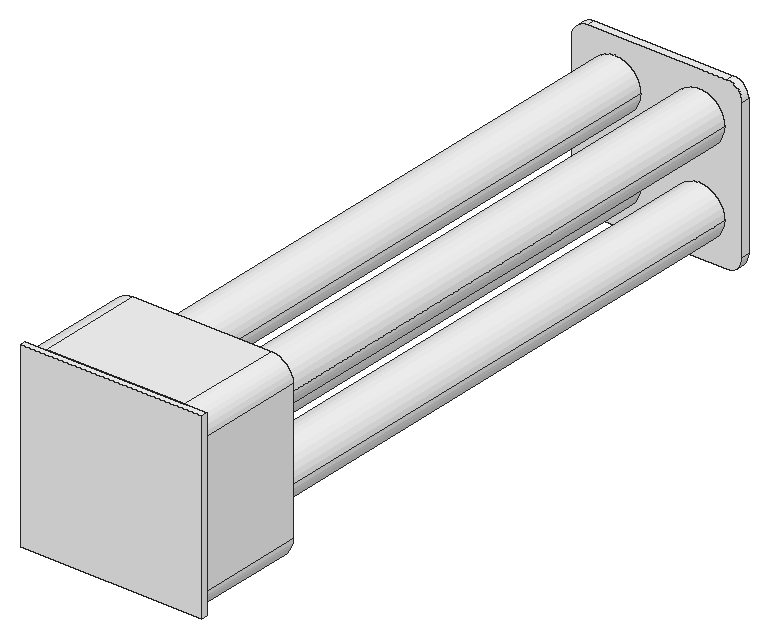
Revit family "Mamad_Transition_YEONATAN_Y1", category Generic Models, host Wall, Revit 2020
Family settings
  Host = Wall
  Can host rebar = No
  Round Connector Dimension = Use Diameter
  Part Type = Normal
  Always vertical = Yes
  Cut with Voids When Loaded = Yes
  Shared = No
  Room Calculation Point = No
Parameters (values of type "Y1_4x4"")
  Outer Plate [instance] = yes
  Wall Closure = By host
  Wall Width [instance] = 350.00 mm
  URL = "https://www.yeonatan.com"
  Type Image = Rectangle-85.png
  Model = "Y1"
  Manufacturer = "S2P"
  Inner Plate [instance] = yes
  Created by = "Karpel Consult And Shielding Engineering LTD"
  Assembly Code = ""
Reference planes
  plane 1: y = 0
  plane 2 "Sill": z = 1173
  plane 3: z = 1219.5
  plane 4: x = 0.3
  plane 5: z = 1266
  plane 6: y = -175
  plane 7: y = 175
  plane 8: y = 171
  plane 9: y = -120
  plane 10: x = -46.2
  plane 11: x = 46.8
  plane 12: y = -145
  plane 13: y = -140
Forms (mm)
  Sweep 1, solid, material "Yeonatan_Plastic"
    path origin (17.801, -70, -15.537) x (1, 0, 0) y (0, 1, 0)
      loop
        line (-17.501, 241) -> (-17.501, 245)
    profile origin (0.3, 173, -15.537) x (-1, 0, 0) y (0, 0, 1)
      loop
        arc (-35.5, 1278.537) -> (-41.157, 1276.194) -> (-43.5, 1270.537) r 8
        line (-43.5, 1270.537) -> (-43.5, 1199.537)
        arc (-43.5, 1199.537) -> (-41.157, 1193.88) -> (-35.5, 1191.537) r 8
        line (-35.5, 1191.537) -> (35.5, 1191.537)
        arc (35.5, 1191.537) -> (41.157, 1193.88) -> (43.5, 1199.537) r 8
        line (43.5, 1199.537) -> (43.5, 1270.537)
        arc (43.5, 1270.537) -> (41.157, 1276.194) -> (35.5, 1278.537) r 8
        line (35.5, 1278.537) -> (-35.5, 1278.537)
      loop
        circle (-21.5, 1213.537) r 11
      loop
        circle (21.5, 1213.537) r 11
      loop
        circle (-21.5, 1256.537) r 11
      loop
        circle (21.5, 1256.537) r 11
  Sweep 2, solid, material "Yeonatan_Plastic"
    path origin (-1536.434, -175, 2405.066) x (1, 0, 0) y (0, 0, 1)
      loop
        arc (1493.234, -1221.066) -> (1495.577, -1226.723) -> (1501.234, -1229.066) r 8
        line (1501.234, -1229.066) -> (1572.234, -1229.066)
        arc (1572.234, -1229.066) -> (1577.891, -1226.723) -> (1580.234, -1221.066) r 8
        line (1580.234, -1221.066) -> (1580.234, -1150.066)
        arc (1580.234, -1150.066) -> (1577.891, -1144.409) -> (1572.234, -1142.066) r 8
        line (1572.234, -1142.066) -> (1501.234, -1142.066)
        arc (1501.234, -1142.066) -> (1495.577, -1144.409) -> (1493.234, -1150.066) r 8
        line (1493.234, -1150.066) -> (1493.234, -1221.066)
    profile origin (-43.2, -175, 1219.5) x (-1, 0, 0) y (0, -1, 0)
      loop
        line (0, -55) -> (3, -55) -> (3, 0) -> (0, 0) -> (0, -55)
  Sweep 3, solid, material "Yeonatan_Plastic"
    path origin (17.801, -365, -15.537) x (1, 0, 0) y (0, 1, 0)
      loop
        line (-17.501, 239) -> (-17.501, 245)
    profile origin (0.3, -123, -15.537) x (-1, 0, 0) y (0, 0, 1)
      loop
        arc (-35.5, 1278.537) -> (-41.157, 1276.194) -> (-43.5, 1270.537) r 8
        line (-43.5, 1270.537) -> (-43.5, 1199.537)
        arc (-43.5, 1199.537) -> (-41.157, 1193.88) -> (-35.5, 1191.537) r 8
        line (-35.5, 1191.537) -> (35.5, 1191.537)
        arc (35.5, 1191.537) -> (41.157, 1193.88) -> (43.5, 1199.537) r 8
        line (43.5, 1199.537) -> (43.5, 1270.537)
        arc (43.5, 1270.537) -> (41.157, 1276.194) -> (35.5, 1278.537) r 8
        line (35.5, 1278.537) -> (-35.5, 1278.537)
      loop
        circle (-21.5, 1213.537) r 11
      loop
        circle (21.5, 1213.537) r 11
      loop
        circle (-21.5, 1256.537) r 11
      loop
        circle (21.5, 1256.537) r 11
  Extrusion 4, solid, material "Yeonatan_Plastic"
    sketch origin (-21.5, 11.219, -21.5) x (1, 0, 0) y (0, 0, 1)
      loop
        circle (0.3, 1219.5) r 13
      loop
        circle (0.3, 1219.5) r 11
      loop
        circle (43.3, 1219.5) r 13
      loop
        circle (43.3, 1219.5) r 11
      loop
        circle (0.3, 1262.5) r 13
      loop
        circle (0.3, 1262.5) r 11
      loop
        circle (43.3, 1262.5) r 13
      loop
        circle (43.3, 1262.5) r 11
    from -159.781 to 131.219
  Sweep 5, void
    path origin (-1.762, -3.524, 0) x (1, 0, 0) y (0, 1, 0)
      loop
        line (2.062, -171.476) -> (2.062, -116.476)
    profile origin (0.3, -147.5, 0) x (-1, 0, 0) y (0, 0, 1)
      loop
        line (35.5, 1266) -> (-35.5, 1266)
        arc (-35.5, 1266) -> (-43.278, 1262.778) -> (-46.5, 1255) r 11
        line (-46.5, 1255) -> (-46.5, 1184)
        arc (-46.5, 1184) -> (-43.278, 1176.222) -> (-35.5, 1173) r 11
        line (-35.5, 1173) -> (35.5, 1173)
        arc (35.5, 1173) -> (43.278, 1176.222) -> (46.5, 1184) r 11
        line (46.5, 1184) -> (46.5, 1255)
        arc (46.5, 1255) -> (43.278, 1262.778) -> (35.5, 1266) r 11
  Sweep 6, void
    path origin (146.105, 263.235, 0) x (1, 0, 0) y (0, 1, 0)
      loop
        line (-145.805, -92.235) -> (-145.805, -88.235)
    profile origin (0.3, 173, 0) x (-1, 0, 0) y (0, 0, 1)
      loop
        line (35.5, 1263) -> (-35.5, 1263)
        arc (-35.5, 1263) -> (-41.157, 1260.657) -> (-43.5, 1255) r 8
        line (-43.5, 1255) -> (-43.5, 1184)
        arc (-43.5, 1184) -> (-41.157, 1178.343) -> (-35.5, 1176) r 8
        line (-35.5, 1176) -> (35.5, 1176)
        arc (35.5, 1176) -> (41.157, 1178.343) -> (43.5, 1184) r 8
        line (43.5, 1184) -> (43.5, 1255)
        arc (43.5, 1255) -> (41.157, 1260.657) -> (35.5, 1263) r 8
  Sweep 7, void
    path origin (410.991, 179.312, 0) x (1, 0, 0) y (0, 1, 0)
      loop
        line (-410.691, -299.312) -> (-410.691, -8.312)
    profile origin (0.3, 25.5, 0) x (-1, 0, 0) y (0, 0, 1)
      loop
        circle (21.5, 1241) r 11
      loop
        circle (21.5, 1198) r 11
      loop
        circle (-21.5, 1198) r 11
      loop
        circle (-21.5, 1241) r 11
  Sweep 8, solid, material "Yeonatan_Stainless_Steel", visible <- "Inner Plate"
    path origin (17.801, -385, -15.537) x (1, 0, 0) y (0, 1, 0)
      loop
        line (-17.501, 240) -> (-17.501, 245)
    profile origin (0.3, -142.5, -15.537) x (-1, 0, 0) y (0, 0, 1)
      loop
        arc (-35.5, 1278.537) -> (-41.157, 1276.194) -> (-43.5, 1270.537) r 8
        line (-43.5, 1270.537) -> (-43.5, 1199.537)
        arc (-43.5, 1199.537) -> (-41.157, 1193.88) -> (-35.5, 1191.537) r 8
        line (-35.5, 1191.537) -> (35.5, 1191.537)
        arc (35.5, 1191.537) -> (41.157, 1193.88) -> (43.5, 1199.537) r 8
        line (43.5, 1199.537) -> (43.5, 1270.537)
        arc (43.5, 1270.537) -> (41.157, 1276.194) -> (35.5, 1278.537) r 8
        line (35.5, 1278.537) -> (-35.5, 1278.537)
      loop
        circle (-21.5, 1213.537) r 11
      loop
        circle (21.5, 1213.537) r 11
      loop
        circle (-21.5, 1256.537) r 11
      loop
        circle (21.5, 1256.537) r 11
  Sweep 9, solid, material "Yeonatan_Stainless_Steel"
    path origin (-98.396, -355, 2439) x (0, 1, 0) y (-1, 0, 0)
      loop
        line (229, -98.696) -> (199, -98.696)
    profile origin (0.3, -141, 2439) x (1, 0, 0) y (0, 0, 1)
      loop
        circle (14.5, -1219.5) r 4
      loop
        circle (-14.5, -1219.5) r 4
  Sweep 10, solid, material "Yeonatan_Stainless_Steel", visible <- "Inner Plate"
    path origin (-98.396, -355, 2439) x (0, 1, 0) y (-1, 0, 0)
      loop
        line (210, -98.696) -> (206, -98.696)
    profile origin (0.3, -147, 2439) x (1, 0, 0) y (0, 0, 1)
      loop
        circle (14.5, -1219.5) r 4
      loop
        circle (-14.5, -1219.5) r 4
      loop
        line (10.747, -1213) -> (6.994, -1219.5) -> (10.747, -1226) -> (18.253, -1226) -> (22.006, -1219.5) -> (18.253, -1213) -> (10.747, -1213)
      loop
        line (-10.747, -1213) -> (-18.253, -1213) -> (-22.006, -1219.5) -> (-18.253, -1226) -> (-10.747, -1226) -> (-6.994, -1219.5) -> (-10.747, -1213)
  Sweep 11, solid, material "Yeonatan_Plastic", visible <- "Outer Plate"
    path origin (17.801, -420, -15.537) x (1, 0, 0) y (0, 1, 0)
      loop
        line (-17.501, 242) -> (-17.501, 245)
    profile origin (0.3, -176.5, -15.537) x (-1, 0, 0) y (0, 0, 1)
      loop
        line (-46.5, 1281.537) -> (-46.5, 1188.537) -> (46.5, 1188.537) -> (46.5, 1281.537) -> (-46.5, 1281.537)
Cuts and joins
  Sweep 6 cuts Sweep 2
  Sweep 6 cuts Sweep 3
  Sweep 6 cuts Extrusion 4
  Sweep 7 cuts Sweep 1
Text (mm)
  text "Exterior" at (0, 1019.848, 3124.603), in view "Right"
  text "Exterior" at (-946.239, 459.523, 0), in view "Floor Line"
  text "Exterior" at (0, 1206.291, 2968.097), in view "Left"
Dimensions and locks
  "Wall Width": plane 7 to plane 6
  plane 9 to plane 6 = 55.00 mm
  Sweep 3 sketch curve to Sweep 3 sketch curve = 6.00 mm
  Sweep 10 sketch curve to Sweep 10 sketch curve = 4.00 mm
  Sweep 9 sketch curve to Sweep 9 sketch curve = 30.00 mm
  plane 9 to plane 13 = 20.00 mm
  plane 13 to plane 12 = 5.00 mm
  Sweep 11 sketch curve to Sweep 11 sketch curve = 3.00 mm
  plane 7 to plane 8 = 4.00 mm
  aligned and locked: plane 6 to host wall
  aligned and locked: plane 7 to host wall
  aligned and locked: Sweep 1 to Sweep 1
  aligned and locked: plane 6 to Sweep 2
  aligned and locked: plane 7 to Sweep 1
  aligned and locked: Sweep 2 to plane 6
  aligned and locked: plane 8 to Sweep 1 sketch curve
  aligned and locked: Sweep 1 sketch curve to plane 4
  aligned and locked: Sweep 2 sketch curve to plane 9
  aligned and locked: Sweep 2 sketch curve to plane 6
  aligned and locked: Sweep 2 to Sweep 3 sketch curve
  aligned and locked: plane 8 to Extrusion 4
  aligned and locked: Extrusion 4 to plane 9
  aligned and locked: plane 6 to Sweep 5 sketch curve
  aligned and locked: plane 7 to Sweep 6 sketch curve
  aligned and locked: plane 8 to Sweep 6 sketch curve
  aligned and locked: plane 8 to Sweep 7 sketch curve
  aligned and locked: plane 9 to Sweep 7 sketch curve
  aligned and locked: Sweep 8 to Sweep 8
  aligned and locked: plane 12 to Sweep 8 sketch curve
  aligned and locked: plane 13 to Sweep 8 sketch curve
  aligned and locked: Sweep 8 to Sweep 10 sketch curve
  aligned and locked: cut or joined group of Sweep 3, Sweep 6 to Sweep 9 sketch curve
  aligned and locked: plane 6 to Sweep 11 sketch curve
  aligned and locked: plane 2 "Sill" to Sweep 11 sketch curve
  aligned and locked: Sweep 11 sketch curve to plane 11
  aligned and locked: plane 5 to Sweep 11 sketch curve
  aligned and locked: Sweep 11 sketch curve to plane 10
Automatic sketch dimensions
  Sweep 1 sketch curve to plane 7 = 0.00 mm
  profile plane to Sweep 1 sketch curve = 43.50 mm
  Sweep 1 sketch curve to Sweep 1 sketch curve = 8.00 mm  (x3)
  Sweep 1 sketch curve to Sweep 1 sketch curve = 14.00 mm  (x7)
  Sweep 1 sketch curve to profile plane = 21.50 mm  (x2)
  profile plane to Sweep 1 sketch curve = 1191.537 mm
  Sweep 1 sketch curve to Sweep 1 sketch curve = 43.00 mm  (x2)
  Sweep 2 sketch curve to plane 10 = 3.00 mm
  Sweep 2 sketch curve to Sweep 2 sketch curve = 8.00 mm  (x2)
  plane 5 to Sweep 2 sketch curve = 3.00 mm
  plane 11 to Sweep 2 sketch curve = 11.00 mm  (x2)
  plane 11 to Sweep 2 sketch curve = 3.00 mm
  Sweep 2 sketch curve to plane 2 "Sill" = 11.00 mm
  Sweep 2 sketch curve to profile plane = 0.00 mm
  Sweep 2 sketch curve to Sweep 2 sketch curve = 3.00 mm
  Sweep 3 sketch curve to plane 4 = 0.00 mm
  profile plane to Sweep 3 sketch curve = 43.50 mm
  Sweep 3 sketch curve to Sweep 3 sketch curve = 8.00 mm  (x3)
  Sweep 3 sketch curve to Sweep 3 sketch curve = 14.00 mm  (x7)
  Sweep 3 sketch curve to profile plane = 21.50 mm  (x2)
  profile plane to Sweep 3 sketch curve = 1191.537 mm
  Sweep 3 sketch curve to Sweep 3 sketch curve = 43.00 mm  (x2)
  Extrusion 4 sketch curve to Extrusion 4 sketch curve = 0.00 mm  (x48)
  plane 4 to Extrusion 4 sketch curve = 21.50 mm  (x2)
  Extrusion 4 sketch curve to plane 4 = 21.50 mm  (x2)
  plane 3 to Extrusion 4 sketch curve = 21.50 mm  (x2)
  Extrusion 4 sketch curve to plane 3 = 21.50 mm  (x2)
  Extrusion 4 sketch curve to Extrusion 4 sketch curve = 11.00 mm  (x2)
  Extrusion 4 sketch curve to Extrusion 4 sketch curve = 2.00 mm  (x4)
  Extrusion 4 sketch curve to plane 4 = 8.50 mm  (x2)
  Sweep 5 sketch curve to plane 4 = 0.00 mm
  Sweep 5 sketch curve to plane 9 = 0.00 mm
  profile plane to Sweep 5 sketch curve = 46.50 mm
  Sweep 5 sketch curve to Sweep 5 sketch curve = 11.00 mm  (x3)
  Sweep 5 sketch curve to profile plane = 35.50 mm  (x2)
  level to Sweep 5 sketch curve = 1173.00 mm
  Sweep 5 sketch curve to Sweep 5 sketch curve = 71.00 mm
  Sweep 6 sketch curve to plane 4 = 0.00 mm
  profile plane to Sweep 6 sketch curve = 43.50 mm
  Sweep 6 sketch curve to Sweep 6 sketch curve = 8.00 mm  (x3)
  Sweep 6 sketch curve to profile plane = 35.50 mm  (x2)
  level to Sweep 6 sketch curve = 1176.00 mm
  Sweep 6 sketch curve to Sweep 6 sketch curve = 71.00 mm
  Sweep 7 sketch curve to plane 4 = 0.00 mm
  Sweep 7 sketch curve to Sweep 7 sketch curve = 0.00 mm  (x10)
  profile plane to Sweep 7 sketch curve = 21.50 mm  (x2)
  Sweep 7 sketch curve to profile plane = 21.50 mm  (x2)
  level to Sweep 7 sketch curve = 1198.00 mm
  Sweep 7 sketch curve to Sweep 7 sketch curve = 43.00 mm
  Sweep 7 sketch curve to Sweep 7 sketch curve = 11.00 mm  (x2)
  Sweep 7 sketch curve to profile plane = 10.50 mm  (x2)
  Sweep 8 sketch curve to plane 4 = 0.00 mm
  profile plane to Sweep 8 sketch curve = 43.50 mm
  Sweep 8 sketch curve to Sweep 8 sketch curve = 8.00 mm  (x3)
  Sweep 8 sketch curve to Sweep 8 sketch curve = 14.00 mm  (x7)
  Sweep 8 sketch curve to profile plane = 21.50 mm  (x2)
  profile plane to Sweep 8 sketch curve = 1191.537 mm
  Sweep 8 sketch curve to Sweep 8 sketch curve = 43.00 mm  (x2)
  Sweep 9 sketch curve to plane 4 = 0.00 mm
  profile plane to Sweep 9 sketch curve = 14.50 mm
  Sweep 9 sketch curve to profile plane = 14.50 mm
  Sweep 9 sketch curve to profile plane = 1219.50 mm
  Sweep 9 sketch curve to Sweep 9 sketch curve = 0.00 mm
  Sweep 10 sketch curve to plane 4 = 0.00 mm
  profile plane to Sweep 10 sketch curve = 22.006 mm
  Sweep 10 sketch curve to Sweep 10 sketch curve = 3.753 mm  (x7)
  Sweep 10 sketch curve to Sweep 10 sketch curve = 7.506 mm  (x4)
  profile plane to Sweep 10 sketch curve = 6.994 mm
  Sweep 10 sketch curve to profile plane = 6.994 mm
  Sweep 10 sketch curve to profile plane = 1226.00 mm
  Sweep 10 sketch curve to Sweep 10 sketch curve = 0.00 mm  (x3)
  Sweep 10 sketch curve to Sweep 10 sketch curve = 6.50 mm  (x6)
  Sweep 11 sketch curve to plane 4 = 0.00 mm
  radius of Sweep 1 sketch curve = 11.00 mm  (x4)
  radius of Sweep 3 sketch curve = 11.00 mm  (x4)
  radius of Sweep 8 sketch curve = 11.00 mm  (x4)
  radius of Sweep 9 sketch curve = 4.00 mm  (x2)
  radius of Sweep 10 sketch curve = 4.00 mm  (x2)
